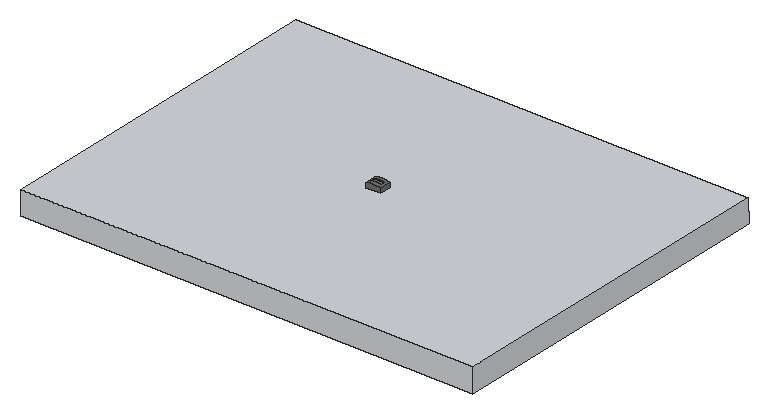
Revit family
Parameters
  Warranty Duration (Years) = 0
  Unit Width [instance] = 1' - 8 177/256"
  Unit Height [instance] = 0' - 9 99/256"
  Unit Depth = 0' - 0"
  URL = "http://www.americanspecialties.com/viewCategories.cfm"
  Trim Material = Plastic 2
  Test Data = ""
  Specification = "http://www.arcat.com/sdspecs/htm/10810asi.htm"
  SpecWizard = ""
  Send Message = "http://www.arcat.com/users.pl?action=UserEmail&company=American%20Specialties,%20Inc.&coid=30448&rep=139&fax=914-476-0688&mf="
  Sales Information = "http://www.americanspecialties.com/contact"
  Revision = "R1_10-2010"
  Product Properties = "http://www.americanspecialties.com/datasheets/V-321.pdf"
  Product Data = "http://www.arcat.com/arcatcos/cos30/arc30448.html"
  Model = "As Specified in 10 28 13"
  Manufacturer Website = "http://www.americanspecialties.com/viewCategories.cfm"
  Manufacturer Phone - Toll Free = ""
  Manufacturer Phone = "914-476-9000 "
  Manufacturer Fax = "914-476-0688"
  Manufacturer Address = "441 Saw Mill River Rd., Yonkers, NY 10701"
  Manufacturer = "American Specialties, Inc."
  Maintenance Schedule (Months) = 0
  Keynote = "10 28 13"
  Installation-Fabrication = "http://www.americanspecialties.com/products.cfm"
  Green Building-LEED = ""
  Expected Lifespan (Years) = 0
  Drawn By = "Robert S. Weygant. CSI, CDT, SCIP"  # constant formula
  Description = "Toilet Accessory as Specified in 10 28 13"
  Default Elevation = 4' - 0"
  Copyright = "©Arcat Inc."
  Construction Details = "http://www.arcat.com/green/clients/leed_data_30448.html"
  Building Codes = "http://www.americanspecialties.com/products.cfm"
  Body Material = Metal - Stainless Steel
  Assembly Code = "C1030210"
Reference planes (in)
  plane 1 "Center (Front/Back)": y = -0.29112
  plane 2 "Floor Line": z = 0
  plane 3 "Center (Left/Right)": x = -0.65843
Forms (in)
  Extrusion 1, solid
    sketch origin (-3, -9, -6) x (0, 0, -1) y (1, 0, 0)
      loop
        line (-3.59436, 26) -> (-6, 26) -> (-6, -19.34712) -> (-3.59436, -19.34712) -> (-3.59436, 26)
    from 9 to -25.60721
  Extrusion 2, solid, material "Plastic 2" <- "Trim Material"
    sketch origin (0, 0.2792, 0.60938) x (1, 0, 0) y (0, 0, 1)
      loop
        line (-1.40062, -0.60938) -> (0.08375, -0.60938) -> (0.08375, -0.15625)
        arc (0.08375, -0.15625) -> (-0.65843, 0) -> (-1.40062, -0.15625) r 1.84082
        line (-1.40062, -0.15625) -> (-1.40062, -0.60938)
    from 0 to 1.14063
  Revolve 3, solid, material "Metal - Stainless Steel" <- "Body Material"
    sketch origin (0, -0.29112, 0.60938) x (1, 0, 0) y (0, 0, 1)
      loop
        line (-0.65843, -0.60938) -> (-0.65843, -3.01807) -> (-0.46703, -3.01807)
        arc (-0.46703, -3.01807) -> (-0.43112, -3.0032) -> (-0.41625, -2.96729) r 0.05078
        line (-0.41625, -2.96729) -> (-0.41625, -2.10938) -> (-0.32908, -2.10938) -> (-0.32908, -1.40625) -> (-0.29125, -1.40625) -> (-0.29125, -0.9375)
        arc (-0.29125, -0.9375) -> (-0.24373, -0.88999) -> (-0.29125, -0.84248) r 0.04751
        line (-0.29125, -0.84248) -> (-0.21744, -0.84248) -> (-0.21744, -0.73438) -> (-0.29125, -0.73438) -> (-0.29125, -0.60938) -> (-0.65843, -0.60938)
      axis (-0.65843, -0.60938) -> (-0.65843, -3.01807)
    angle from 0 to 360
  Extrusion 4, void
    sketch origin (0, 0, 0.52608) x (0, -1, 0) y (1, 0, 0)
      loop
        line (0.04112, -1.15843) -> (0.54112, -1.15843) -> (0.54112, -0.15843) -> (0.04112, -0.15843) -> (0.04112, -1.15843)
    from 0 to 0.0833
  Revolve 5, void
    sketch origin (0, -0.29112, 0) x (1, 0, 0) y (0, 0, 1)
      loop
        line (-0.65843, 0) -> (-0.65843, -2.41443) -> (-0.15843, -2.41443) -> (-0.15843, 0) -> (-0.65843, 0)
      axis (-0.65843, 0) -> (-0.65843, -2.41443)
    angle from 0 to 360
Cuts and joins
  Extrusion 4, Revolve 5 cuts Extrusion 2
Dimensions and locks (in)
  aligned and locked: Extrusion 1 to level
